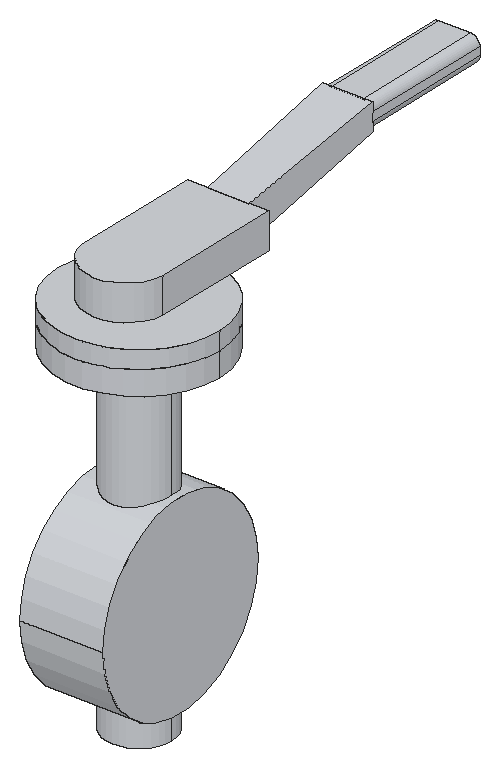
Revit family "HS497-68_disk-nerez_s pákou DN065-RFA_2019", category Pipe Accessories, Revit 2019
Family settings
  Round Connector Dimension = Use Diameter
  Part Type = Valve - Breaks Into
  Work Plane-Based = No
  Always vertical = Yes
  Cut with Voids When Loaded = No
  Shared = No
Parameters (values of type "HS 497-68_DN065_PN16_s pákou")
  magiProductId = "ebeb4b59db0641caaf6d6635ab37b9"
  magiProductFamilyId = "53cea81e6f374d17b8841d9c72ad77"
  magiPartTypeId = 305
  isMeasuringValve [instance] = no
  ang2D [instance] = 0.00°
  X11 = 61.456 mm
  X1 = 25.456 mm
  W2D = 1000 mm
  VersionID = "2.0/2017.9.26.1/ZETKAMA_497_001"
  Use Minimum Symbol Size [instance] = yes
  URL = "http://www.hydronic.cz"
  Type Comments = "mezipřírubová; nerezový disk; PN16; -10~+110°C (krátkodobě +120°C)"
  SW30 = no
  SW3 = no
  SW21 = no
  SW20 = yes
  SW2 = yes
  SW1 = no
  R = 32.5 mm
  QmdConnectorList = "301;D;302;D"
  Productdata [instance] = ""
  NC = 50 mm
  Manufacturer = "Hydronic Systems Prague s.r.o."
  MM20 = 25.456 mm
  MC Product Code = "121 065 (nerezový disk, s pákou; DN65; PN16, kvs167)"
  M41 = 66 mm
  M4 = 44 mm
  LHL = 220 mm
  LHH3 = 2.45 mm
  LHH1 = 46.55 mm
  LH1 = 73.333 mm
  L4R__ve = -L4R  # -12.8 mm
  L4R = 12.8 mm
  L42__ve = -L42  # -96 mm
  L42 = 96 mm
  L41__ve = -L41  # -19.2 mm
  L41 = 19.2 mm
  L2D_Min = 3048 mm
  L2D = 216 mm
  L2 = 23 mm
  L1 = 36.8 mm
  L = 46 mm
  H = 30 mm
  G22 = 11.25 mm
  G2 = 22.5 mm
  G1 = 90 mm
  G = 90 mm
  F = 11 mm
  E44 = 31.25 mm
  E42 = 62.5 mm
  E4 = 125 mm
  E23 = 4.9 mm
  E22 = 19.6 mm
  E21 = 9.8 mm
  Description = "Mezipřírubová uzavírací klapka s pákou; nerezový disk, DN65; PN16; kvs167"
  DR2 = 32.5 mm
  DR = 108 mm
  DD1 = 15.625 mm
  DD = 12.5 mm
  D = 65 mm
  CAT0 = yes
  B2__ve = -B2  # -36.5 mm
  B2 = 36.5 mm
  A2 = 13.5 mm
  A1 = 89 mm
Types (43, lengths in mm): name | magiProductId | X11 | X1 | Type Comments | SW30 | SW3 | SW20 | SW2 | SW1 | R | NC | Manufacturer | MM20 | MC Product Code | M41 | M4 | LHL | LHH3 | LHH1 | LH1 | L4R__ve | L4R | L42__ve | L42 | L41__ve | L41 | L2 | L1 | L | H | G | F | E44 | E42 | E4 | E23 | E22 | E21 | Description | DR2 | DR | DD1 | DD | D | B2__ve | B2 | A2 | A1
  HS 497-68_DN100_PN16_volné vřeteno | "65d1b245f4f142c78569c0602d5754" | 61.456 | 25.456 | "mezipřírubová; nerezový disk; PN16; -10~+110°C (krátkodobě +120°C)" | no | no | no | no | yes | 50 | 50 | "Hydronic Systems Prague s.r.o." | 25.456 | "124 100 (nerezový disk, s volným vřetenem; DN100; PN16, kvs512)" | 66 | 44 | 220 | 2.45 | 46.55 | 73.333 | -12.8 | 12.8 | -96 | 96 | -19.2 | 19.2 | 26 | 41.6 | 52 | 30 | 90 | 11 | 31.25 | 62.5 | 125 | 4.9 | 19.6 | 9.8 | "Mezipřírubová uzavírací klapka s volným vřetenem; nerezový disk, DN100; PN16; kvs512" | 50 | 147 | 15.625 | 12.5 | 100 | -56 | 56 | 16.5 | 98.5
  HS 497-68_DN100_PN16_převodové kolo | "11e91b807e674d428c8e796fcdcfe2" | 61.456 | 25.456 | "mezipřírubová; nerezový disk; PN16; -10~+110°C (krátkodobě +120°C)" | yes | yes | no | no | no | 50 | 50 | "Hydronic Systems Prague s.r.o." | 25.456 | "126 100 (nerezový disk, s převodovým kolem; DN100; PN16, kvs512)" | 65.25 | 43.5 | 220 | 2.45 | 46.55 | 73.333 | -12.8 | 12.8 | -96 | 96 | -19.2 | 19.2 | 26 | 41.6 | 52 | 30 | 90 | 11 | 31.25 | 62.5 | 125 | 4.9 | 19.6 | 9.8 | "Mezipřírubová uzavírací klapka s převodovým kolem; nerezový disk, DN100; PN16; kvs512" | 50 | 147 | 15.625 | 12.5 | 100 | -56 | 56 | 16.5 | 98.5
  HS 497-68_DN100_PN16_s pákou | "28172f0b3f4b47b28323ac71cf8749" | 61.456 | 25.456 | "mezipřírubová; nerezový disk; PN16; -10~+110°C (krátkodobě +120°C)" | no | no | yes | yes | no | 50 | 50 | "Hydronic Systems Prague s.r.o." | 25.456 | "121 100 (nerezový disk, s pákou; DN100; PN16, kvs512)" | 66 | 44 | 260 | 3 | 57 | 86.667 | -12.8 | 12.8 | -96 | 96 | -19.2 | 19.2 | 26 | 41.6 | 52 | 30 | 90 | 11 | 31.25 | 62.5 | 125 | 6 | 24 | 12 | "Mezipřírubová uzavírací klapka s pákou; nerezový disk, DN100; PN16; kvs512" | 50 | 147 | 15.625 | 12.5 | 100 | -56 | 56 | 16.5 | 98.5
  HS 497-68_DN125_PN16_volné vřeteno | "0d813d910fc14f628bb3c2efbd185c" | 61.456 | 25.456 | "mezipřírubová; nerezový disk; PN16; -10~+110°C (krátkodobě +120°C)" | no | no | no | no | yes | 62.5 | 50 | "Hydronic Systems Prague s.r.o." | 25.456 | "124 125 (nerezový disk, s volným vřetenem; DN125; PN16, kvs872)" | 66 | 44 | 220 | 2.45 | 46.55 | 73.333 | -12.8 | 12.8 | -96 | 96 | -19.2 | 19.2 | 28 | 44.8 | 56 | 33 | 90 | 14 | 31.25 | 62.5 | 125 | 4.9 | 19.6 | 9.8 | "Mezipřírubová uzavírací klapka s volným vřetenem; nerezový disk, DN125; PN16; kvs872" | 62.5 | 180 | 15.625 | 12.5 | 125 | -64 | 64 | 18 | 99.5
  HS 497-68_DN125_PN16_převodové kolo | "c56b7c13f372467684996fb1e0e229" | 61.456 | 25.456 | "mezipřírubová; nerezový disk; PN16; -10~+110°C (krátkodobě +120°C)" | yes | yes | no | no | no | 62.5 | 50 | "Hydronic Systems Prague s.r.o." | 25.456 | "126125 (nerezový disk, s převodovým kolem; DN125; PN16, kvs872)" | 65.25 | 43.5 | 220 | 2.45 | 46.55 | 73.333 | -13.5 | 13.5 | -101.25 | 101.25 | -20.25 | 20.25 | 28 | 44.8 | 56 | 33 | 90 | 14 | 40 | 80 | 160 | 4.9 | 19.6 | 9.8 | "Mezipřírubová uzavírací klapka s převodovým kolem; nerezový disk, DN125; PN16; kvs872" | 62.5 | 180 | 20 | 16 | 125 | -64 | 64 | 18 | 99.5
  HS 497-68_DN125_PN16_s pákou | "105993c79a91492399feef7931321a" | 61.456 | 25.456 | "mezipřírubová; nerezový disk; PN16; -10~+110°C (krátkodobě +120°C)" | no | no | yes | yes | no | 62.5 | 50 | "Hydronic Systems Prague s.r.o." | 25.456 | "121 125 (nerezový disk, s pákou; DN125; PN16, kvs872)" | 66 | 44 | 315 | 3.75 | 71.25 | 105 | -12.8 | 12.8 | -96 | 96 | -19.2 | 19.2 | 28 | 44.8 | 56 | 33 | 90 | 14 | 31.25 | 62.5 | 125 | 7.5 | 30 | 15 | "Mezipřírubová uzavírací klapka s pákou; nerezový disk, DN125; PN16; kvs872" | 62.5 | 180 | 15.625 | 12.5 | 125 | -64 | 64 | 18 | 99.5
  HS 497-68_DN150_PN16_volné vřeteno | "50c80cb8ab434f55ab7796e5ac1331" | 61.456 | 25.456 | "mezipřírubová; nerezový disk; PN16; -10~+110°C (krátkodobě +120°C)" | no | no | no | no | yes | 75 | 50 | "Hydronic Systems Prague s.r.o." | 25.456 | "124 150 (nerezový disk, s volným vřetenem; DN150; PN16, kvs1347)" | 66 | 44 | 220 | 2.45 | 46.55 | 73.333 | -12.8 | 12.8 | -96 | 96 | -19.2 | 19.2 | 28 | 44.8 | 56 | 33 | 90 | 14 | 31.25 | 62.5 | 125 | 4.9 | 19.6 | 9.8 | "Mezipřírubová uzavírací klapka s volným vřetenem; nerezový disk, DN150; PN16; kvs1347" | 75 | 206 | 15.625 | 12.5 | 150 | -58 | 58 | 19.3 | 98.7
  HS 497-68_DN150_PN16_převodové kolo | "d94a1a0cf83b476eb10011b327f709" | 61.456 | 25.456 | "mezipřírubová; nerezový disk; PN16; -10~+110°C (krátkodobě +120°C)" | yes | yes | no | no | no | 75 | 50 | "Hydronic Systems Prague s.r.o." | 25.456 | "126 150 (nerezový disk, s převodovým kolem; DN150; PN16, kvs1347)" | 65.25 | 43.5 | 220 | 2.45 | 46.55 | 73.333 | -13.5 | 13.5 | -101.25 | 101.25 | -20.25 | 20.25 | 28 | 44.8 | 56 | 33 | 90 | 14 | 40 | 80 | 160 | 4.9 | 19.6 | 9.8 | "Mezipřírubová uzavírací klapka s převodovým kolem; nerezový disk, DN150; PN16; kvs1347" | 75 | 206 | 20 | 16 | 150 | -58 | 58 | 19.3 | 98.7
  HS 497-68_DN150_PN16_s pákou | "4d2835523fe84828bc50ff0a5a0dfb" | 61.456 | 25.456 | "mezipřírubová; nerezový disk; PN16; -10~+110°C (krátkodobě +120°C)" | no | no | yes | yes | no | 75 | 50 | "Hydronic Systems Prague s.r.o." | 25.456 | "121 150 (nerezový disk, s pákou; DN150; PN16, kvs1347)" | 66 | 44 | 315 | 3.75 | 71.25 | 105 | -12.8 | 12.8 | -96 | 96 | -19.2 | 19.2 | 28 | 44.8 | 56 | 33 | 90 | 14 | 31.25 | 62.5 | 125 | 7.5 | 30 | 15 | "Mezipřírubová uzavírací klapka s pákou; nerezový disk, DN150; PN16; kvs1347" | 75 | 206 | 15.625 | 12.5 | 150 | -58 | 58 | 19.3 | 98.7
  HS 497-68_DN200_PN16_volné vřeteno | "5b29029eaeba47139ee1055a4b9201" | 61.456 | 25.456 | "mezipřírubová; nerezový disk; PN16; -10~+110°C (krátkodobě +120°C)" | no | no | no | no | yes | 100 | 50 | "Hydronic Systems Prague s.r.o." | 25.456 | "124 200 (nerezový disk, s volným vřetenem; DN200; PN16, kvs2675)" | 66 | 44 | 220 | 2.45 | 46.55 | 73.333 | -12.8 | 12.8 | -96 | 96 | -19.2 | 19.2 | 30 | 48 | 60 | 33 | 90 | 17 | 31.25 | 62.5 | 125 | 4.9 | 19.6 | 9.8 | "Mezipřírubová uzavírací klapka s volným vřetenem; nerezový disk, DN200; PN16; kvs2675" | 100 | 257 | 15.625 | 12.5 | 200 | -70 | 70 | 22.5 | 102.5
  HS 497-68_DN200_PN16_převodové kolo | "b2793cc1fcc44cf2a35062cd67c04f" | 61.456 | 25.456 | "mezipřírubová; nerezový disk; PN16; -10~+110°C (krátkodobě +120°C)" | yes | yes | no | no | no | 100 | 57 | "Hydronic Systems Prague s.r.o." | 25.456 | "126 200 (nerezový disk, s převodovým kolem; DN200; PN16, kvs2675)" | 78.75 | 52.5 | 220 | 2.45 | 46.55 | 73.333 | -15.2 | 15.2 | -114 | 114 | -22.8 | 22.8 | 30 | 48 | 60 | 33 | 90 | 17 | 50 | 100 | 200 | 4.9 | 19.6 | 9.8 | "Mezipřírubová uzavírací klapka s převodovým kolem; nerezový disk, DN200; PN16; kvs2675" | 100 | 257 | 25 | 20 | 200 | -70 | 70 | 22.5 | 102.5
  HS 497-68_DN200_PN16_s pákou | "f88d96c7af224537a51e72d7d8fffe" | 61.456 | 25.456 | "mezipřírubová; nerezový disk; PN16; -10~+110°C (krátkodobě +120°C)" | no | no | yes | yes | no | 100 | 50 | "Hydronic Systems Prague s.r.o." | 25.456 | "121 200 (nerezový disk, s pákou; DN200; PN16, kvs2675)" | 66 | 44 | 315 | 3.75 | 71.25 | 105 | -12.8 | 12.8 | -96 | 96 | -19.2 | 19.2 | 30 | 48 | 60 | 33 | 90 | 17 | 31.25 | 62.5 | 125 | 7.5 | 30 | 15 | "Mezipřírubová uzavírací klapka s pákou; nerezový disk, DN200; PN16; kvs2675" | 100 | 257 | 15.625 | 12.5 | 200 | -70 | 70 | 22.5 | 102.5
  HS 497-68_DN250_PN16_volné vřeteno | "b662e8305ca2402b9c510e66e6aa55" | 88.77 | 36.77 | "mezipřírubová; nerezový disk; PN16; -10~+110°C (krátkodobě +120°C)" | no | no | no | no | yes | 125 | 50 | "Hydronic Systems Prague s.r.o." | 36.77 | "124 250 (nerezový disk, s volným vřetenem; DN250; PN16, kvs4555)" | 66 | 44 | 220 | 2.45 | 46.55 | 73.333 | -12.8 | 12.8 | -96 | 96 | -19.2 | 19.2 | 34 | 54.4 | 68 | 23 | 130 | 22 | 31.25 | 62.5 | 125 | 4.9 | 19.6 | 9.8 | "Mezipřírubová uzavírací klapka s volným vřetenem; nerezový disk, DN250; PN16; kvs4555" | 125 | 324 | 15.625 | 12.5 | 250 | -85 | 85 | 28.25 | 129.25
  HS 497-68_DN250_PN16_převodové kolo | "5ee9016806664ddfaa2632711f295c" | 88.77 | 36.77 | "mezipřírubová; nerezový disk; PN16; -10~+110°C (krátkodobě +120°C)" | yes | yes | no | no | no | 125 | 70 | "Hydronic Systems Prague s.r.o." | 36.77 | "126 250 (nerezový disk, s převodovým kolem; DN250; PN16, kvs4555)" | 91.5 | 61 | 220 | 2.45 | 46.55 | 73.333 | -22.2 | 22.2 | -166.5 | 166.5 | -33.3 | 33.3 | 34 | 54.4 | 68 | 23 | 130 | 22 | 62.5 | 125 | 250 | 4.9 | 19.6 | 9.8 | "Mezipřírubová uzavírací klapka s převodovým kolem; nerezový disk, DN250; PN16; kvs4555" | 125 | 324 | 31.25 | 25 | 250 | -85 | 85 | 28.25 | 129.25
  HS 497-68_DN300_PN16_volné vřeteno | "e1886f51ff004380a649519258edf2" | 88.77 | 36.77 | "mezipřírubová; nerezový disk; PN16; -10~+110°C (krátkodobě +120°C)" | no | no | no | no | yes | 150 | 50 | "Hydronic Systems Prague s.r.o." | 36.77 | "124 300 (nerezový disk, s volným vřetenem; DN300; PN16, kvs7037)" | 66 | 44 | 220 | 2.45 | 46.55 | 73.333 | -12.8 | 12.8 | -96 | 96 | -19.2 | 19.2 | 39 | 62.4 | 78 | 23 | 130 | 22 | 31.25 | 62.5 | 125 | 4.9 | 19.6 | 9.8 | "Mezipřírubová uzavírací klapka s volným vřetenem; nerezový disk, DN300; PN16; kvs7037" | 150 | 376 | 15.625 | 12.5 | 300 | -90 | 90 | 30.8 | 127.2
  HS 497-68_DN300_PN16_převodové kolo | "6860f094f77d42088fbebc3c97f755" | 88.77 | 36.77 | "mezipřírubová; nerezový disk; PN16; -10~+110°C (krátkodobě +120°C)" | yes | yes | no | no | no | 150 | 70 | "Hydronic Systems Prague s.r.o." | 36.77 | "126 300 (nerezový disk, s převodovým kolem; DN300; PN16, kvs7037)" | 91.5 | 61 | 220 | 2.45 | 46.55 | 73.333 | -22.2 | 22.2 | -166.5 | 166.5 | -33.3 | 33.3 | 39 | 62.4 | 78 | 23 | 130 | 22 | 62.5 | 125 | 250 | 4.9 | 19.6 | 9.8 | "Mezipřírubová uzavírací klapka s převodovým kolem; nerezový disk, DN300; PN16; kvs7037" | 150 | 376 | 31.25 | 25 | 300 | -90 | 90 | 30.8 | 127.2
  HS 497-68_DN032_PN16_volné vřeteno | "8c5f65de52aa4067a77564107e31b2" | 61.456 | 25.456 | "mezipřírubová; nerezový disk; PN16; -10~+110°C (krátkodobě +120°C)" | no | no | no | no | yes | 16 | 50 | "Hydronic Systems Prague s.r.o." | 25.456 | "124 032 (nerezový disk, s volným vřetenem; DN32; PN16, kvs78)" | 66 | 44 | 220 | 2.45 | 46.55 | 73.333 | -12.8 | 12.8 | -96 | 96 | -19.2 | 19.2 | 16.5 | 26.4 | 33 | 30 | 90 | 11 | 31.25 | 62.5 | 125 | 4.9 | 19.6 | 9.8 | "Mezipřírubová uzavírací klapka s volným vřetenem; nerezový disk, DN32; PN16; kvs78" | 16 | 68 | 15.625 | 12.5 | 32 | -44.2 | 44.2 | 10.25 | 76.25
  HS 497-68_DN032_PN16_převodové kolo | "60aaeffa8b3a4e809ef000e4660060" | 61.456 | 25.456 | "mezipřírubová; nerezový disk; PN16; -10~+110°C (krátkodobě +120°C)" | yes | yes | no | no | no | 16 | 50 | "Hydronic Systems Prague s.r.o." | 25.456 | "126 032 (nerezový disk, s převodovým kolem; DN32; PN16, kvs78)" | 65.25 | 43.5 | 220 | 2.45 | 46.55 | 73.333 | -12.8 | 12.8 | -96 | 96 | -19.2 | 19.2 | 16.5 | 26.4 | 33 | 30 | 90 | 11 | 31.25 | 62.5 | 125 | 4.9 | 19.6 | 9.8 | "Mezipřírubová uzavírací klapka s převodovým kolem; nerezový disk, DN32; PN16; kvs78" | 16 | 68 | 15.625 | 12.5 | 32 | -44.2 | 44.2 | 10.25 | 76.25
  HS 497-68_DN032_PN16_s pákou | "9ad8088d610749a1b871aa2aad8007" | 61.456 | 25.456 | "mezipřírubová; nerezový disk; PN16; -10~+110°C (krátkodobě +120°C)" | no | no | yes | yes | no | 16 | 50 | "Hydronic Systems Prague s.r.o." | 25.456 | "121 032 (nerezový disk, s pákou; DN32; PN16, kvs78)" | 66 | 44 | 220 | 2.45 | 46.55 | 73.333 | -12.8 | 12.8 | -96 | 96 | -19.2 | 19.2 | 16.5 | 26.4 | 33 | 30 | 90 | 11 | 31.25 | 62.5 | 125 | 4.9 | 19.6 | 9.8 | "Mezipřírubová uzavírací klapka s pákou; nerezový disk, DN32; PN16; kvs78" | 16 | 68 | 15.625 | 12.5 | 32 | -44.2 | 44.2 | 10.25 | 76.25
  HS 497-68_DN350_PN10_volné vřeteno | "72a1e05f22944421b7e9596a877137" | 109.255 | 45.255 | "mezipřírubová; nerezový disk; PN10; -10~+110°C (krátkodobě +120°C)" | no | no | no | no | yes | 175 | 50 | "Hydronic Systems Prague s.r.o." | 45.255 | "124 350 (nerezový disk, s volným vřetenem; DN350; PN10, kvs10165)" | 66 | 44 | 220 | 2.45 | 46.55 | 73.333 | -12.8 | 12.8 | -96 | 96 | -19.2 | 19.2 | 39 | 62.4 | 78 | 31 | 160 | 22 | 31.25 | 62.5 | 125 | 4.9 | 19.6 | 9.8 | "Mezipřírubová uzavírací klapka s volným vřetenem; nerezový disk, DN350; PN10; kvs10165" | 175 | 430 | 15.625 | 12.5 | 350 | -88 | 88 | 33.85 | 129.65
  HS 497-68_DN350_PN10_převodové kolo | "a5a01426cb28494ba3afca92f1dace" | 109.255 | 45.255 | "mezipřírubová; nerezový disk; PN10; -10~+110°C (krátkodobě +120°C)" | yes | yes | no | no | no | 175 | 70 | "Hydronic Systems Prague s.r.o." | 45.255 | "126 350 (nerezový disk, s převodovým kolem; DN350; PN10, kvs10165)" | 91.5 | 61 | 220 | 2.45 | 46.55 | 73.333 | -22.2 | 22.2 | -166.5 | 166.5 | -33.3 | 33.3 | 39 | 62.4 | 78 | 31 | 160 | 22 | 62.5 | 125 | 250 | 4.9 | 19.6 | 9.8 | "Mezipřírubová uzavírací klapka s převodovým kolem; nerezový disk, DN350; PN10; kvs10165" | 175 | 430 | 31.25 | 25 | 350 | -88 | 88 | 33.85 | 129.65
  HS 497-68_DN400_PN10_volné vřeteno | "c70ebeb927c04ab99b176e257ad0a7" | 109.255 | 45.255 | "mezipřírubová; nerezový disk; PN10; -10~+110°C (krátkodobě +120°C)" | no | no | no | no | yes | 200 | 50 | "Hydronic Systems Prague s.r.o." | 45.255 | "124 400 (nerezový disk, s volným vřetenem; DN400; PN10, kvs13799)" | 66 | 44 | 220 | 2.45 | 46.55 | 73.333 | -12.8 | 12.8 | -96 | 96 | -19.2 | 19.2 | 51 | 81.6 | 102 | 31 | 160 | 27 | 31.25 | 62.5 | 125 | 4.9 | 19.6 | 9.8 | "Mezipřírubová uzavírací klapka s volným vřetenem; nerezový disk, DN400; PN10; kvs13799" | 200 | 485 | 15.625 | 12.5 | 400 | -108 | 108 | 38 | 142
  HS 497-68_DN400_PN10_převodové kolo | "cc64a4384dcb41b780d81810f4f293" | 109.255 | 45.255 | "mezipřírubová; nerezový disk; PN10; -10~+110°C (krátkodobě +120°C)" | yes | yes | no | no | no | 200 | 72.5 | "Hydronic Systems Prague s.r.o." | 45.255 | "126 400 (nerezový disk, s převodovým kolem; DN400; PN10, kvs13799)" | 103.5 | 69 | 220 | 2.45 | 46.55 | 73.333 | -27.8 | 27.8 | -208.5 | 208.5 | -41.7 | 41.7 | 51 | 81.6 | 102 | 31 | 160 | 27 | 75 | 150 | 300 | 4.9 | 19.6 | 9.8 | "Mezipřírubová uzavírací klapka s převodovým kolem; nerezový disk, DN400; PN10; kvs13799" | 200 | 485 | 37.5 | 30 | 400 | -108 | 108 | 38 | 142
  HS 497-68_DN040_PN16_volné vřeteno | "35f92312390745e88df5b5c325d9ee" | 61.456 | 25.456 | "mezipřírubová; nerezový disk; PN16; -10~+110°C (krátkodobě +120°C)" | no | no | no | no | yes | 20 | 50 | "Hydronic Systems Prague s.r.o." | 25.456 | "124 040 (nerezový disk, s volným vřetenem; DN40; PN16, kvs78)" | 66 | 44 | 220 | 2.45 | 46.55 | 73.333 | -12.8 | 12.8 | -96 | 96 | -19.2 | 19.2 | 16.5 | 26.4 | 33 | 30 | 90 | 11 | 31.25 | 62.5 | 125 | 4.9 | 19.6 | 9.8 | "Mezipřírubová uzavírací klapka s volným vřetenem; nerezový disk, DN40; PN16; kvs78" | 20 | 76 | 15.625 | 12.5 | 40 | -36 | 36 | 11 | 79
  HS 497-68_DN040_PN16_převodové kolo | "d88e968eae3445bc9b7b4e6ff35127" | 61.456 | 25.456 | "mezipřírubová; nerezový disk; PN16; -10~+110°C (krátkodobě +120°C)" | yes | yes | no | no | no | 20 | 50 | "Hydronic Systems Prague s.r.o." | 25.456 | "126 040 (nerezový disk, s převodovým kolem; DN40; PN16, kvs78)" | 65.25 | 43.5 | 220 | 2.45 | 46.55 | 73.333 | -12.8 | 12.8 | -96 | 96 | -19.2 | 19.2 | 16.5 | 26.4 | 33 | 30 | 90 | 11 | 31.25 | 62.5 | 125 | 4.9 | 19.6 | 9.8 | "Mezipřírubová uzavírací klapka s převodovým kolem; nerezový disk, DN40; PN16; kvs78" | 20 | 76 | 15.625 | 12.5 | 40 | -36 | 36 | 11 | 79
  HS 497-68_DN040_PN16_s pákou | "c1b522ca65b4407a98818f232eaacb" | 61.456 | 25.456 | "mezipřírubová; nerezový disk; PN16; -10~+110°C (krátkodobě +120°C)" | no | no | yes | yes | no | 20 | 50 | "Hydronic Systems Prague s.r.o." | 25.456 | "121 040 (nerezový disk, s pákou; DN40; PN16, kvs78)" | 66 | 44 | 220 | 2.45 | 46.55 | 73.333 | -12.8 | 12.8 | -96 | 96 | -19.2 | 19.2 | 16.5 | 26.4 | 33 | 30 | 90 | 11 | 31.25 | 62.5 | 125 | 4.9 | 19.6 | 9.8 | "Mezipřírubová uzavírací klapka s pákou; nerezový disk, DN40; PN16; kvs78" | 20 | 76 | 15.625 | 12.5 | 40 | -36 | 36 | 11 | 79
  HS 497-68_DN450_PN10_volné vřeteno | "a8358bc282f14872b3194e530e590a" | 129.74 | 53.74 | "mezipřírubová; nerezový disk; PN10; -10~+110°C (krátkodobě +120°C)" | no | no | no | no | yes | 225 | 50 | "Hydronic Systems Prague s.r.o." | 53.74 | "124 450 (nerezový disk, s volným vřetenem; DN450; PN10, kvs18514)" | 66 | 44 | 220 | 2.45 | 46.55 | 73.333 | -12.8 | 12.8 | -96 | 96 | -19.2 | 19.2 | 57 | 91.2 | 114 | 38 | 190 | 36 | 31.25 | 62.5 | 125 | 4.9 | 19.6 | 9.8 | "Mezipřírubová uzavírací klapka s volným vřetenem; nerezový, DN450; PN10; kvs18514" | 225 | 536 | 15.625 | 12.5 | 450 | -115 | 115 | 38.05 | 117.45
  HS 497-68_DN450_PN10_převodové kolo | "cdf2d80f54a9414f9cbe50647c0ebd" | 129.74 | 53.74 | "mezipřírubová; nerezový disk; PN10; -10~+110°C (krátkodobě +120°C)" | yes | yes | no | no | no | 225 | 91.5 | "Zetkama" | 53.74 | "126 450 (nerezový disk, s převodovým kolem; DN450; PN10, kvs18514)" | 144.75 | 96.5 | 220 | 2.45 | 46.55 | 73.333 | -32.1 | 32.1 | -240.75 | 240.75 | -48.15 | 48.15 | 57 | 91.2 | 114 | 38 | 190 | 36 | 100 | 200 | 400 | 4.9 | 19.6 | 9.8 | "Mezipřírubová uzavírací klapka s převodovým kolem; nerezový disk, DN450; PN10; kvs18514" | 225 | 536 | 50 | 40 | 450 | -115 | 115 | 38.05 | 117.45
  HS 497-68_DN500_PN10_volné vřeteno | "8c396e27bb2743f98f3c762b6517cd" | 143.397 | 59.397 | "mezipřírubová; nerezový disk; PN10; -10~+110°C (krátkodobě +120°C)" | no | no | no | no | yes | 250 | 50 | "Hydronic Systems Prague s.r.o." | 59.397 | "124 500 (nerezový disk, s volným vřetenem; DN500; PN10, kvs23805)" | 66 | 44 | 220 | 2.45 | 46.55 | 73.333 | -12.8 | 12.8 | -96 | 96 | -19.2 | 19.2 | 63.5 | 101.6 | 127 | 38 | 210 | 36 | 31.25 | 62.5 | 125 | 4.9 | 19.6 | 9.8 | "Mezipřírubová uzavírací klapka s volným vřetenem; nerezový disk, DN500; PN10; kvs23805" | 250 | 593 | 15.625 | 12.5 | 500 | -130 | 130 | 43.25 | 139.25
  HS 497-68_DN500_PN10_převodové kolo | "7647804f32e94cef828a7034a91a46" | 143.397 | 59.397 | "mezipřírubová; nerezový disk; PN10; -10~+110°C (krátkodobě +120°C)" | yes | yes | no | no | no | 250 | 91.5 | "Zetkama" | 59.397 | "126 500 (nerezový disk, s převodovým kolem; DN500; PN10, kvs23805)" | 144.75 | 96.5 | 220 | 2.45 | 46.55 | 73.333 | -32.1 | 32.1 | -240.75 | 240.75 | -48.15 | 48.15 | 63.5 | 101.6 | 127 | 38 | 210 | 36 | 100 | 200 | 400 | 4.9 | 19.6 | 9.8 | "Mezipřírubová uzavírací klapka s převodovým kolem; nerezový disk, DN500; PN10; kvs23805" | 250 | 593 | 50 | 40 | 500 | -130 | 130 | 43.25 | 139.25
  HS 497-68_DN050_volné vřeteno | "d71f296ecd6d4adf8f6e5d9853b4e0" | 61.456 | 25.456 | "mezipřírubová; nerezový disk; PN16; -10~+110°C (krátkodobě +120°C)" | no | no | no | no | yes | 25 | 50 | "Hydronic Systems Prague s.r.o." | 25.456 | "124 050 (nerezový disk, s volným vřetenem; DN50; PN16, kvs98)" | 66 | 44 | 220 | 2.45 | 46.55 | 73.333 | -12.8 | 12.8 | -96 | 96 | -19.2 | 19.2 | 21.5 | 34.4 | 43 | 30 | 90 | 11 | 31.25 | 62.5 | 125 | 4.9 | 19.6 | 9.8 | "Mezipřírubová uzavírací klapka s volným vřetenem; nerezový disk, DN50; PN16; kvs98" | 25 | 100 | 15.625 | 12.5 | 50 | -36.5 | 36.5 | 12 | 83
  HS 497-68_DN050_PN16_převodové kolo | "2fb080deeaed49c58418b94c1da5a4" | 61.456 | 25.456 | "mezipřírubová; nerezový disk; PN16; -10~+110°C (krátkodobě +120°C)" | yes | yes | no | no | no | 25 | 50 | "Hydronic Systems Prague s.r.o." | 25.456 | "126 050 (nerezový disk, s převodovým kolem; DN50; PN16, kvs98)" | 65.25 | 43.5 | 220 | 2.45 | 46.55 | 73.333 | -12.8 | 12.8 | -96 | 96 | -19.2 | 19.2 | 21.5 | 34.4 | 43 | 30 | 90 | 11 | 31.25 | 62.5 | 125 | 4.9 | 19.6 | 9.8 | "Mezipřírubová uzavírací klapka s převodovým kolem; nerezový disk, DN50; PN16; kvs98" | 25 | 100 | 15.625 | 12.5 | 50 | -36.5 | 36.5 | 12 | 83
  HS 497-68_DN050_PN16_s pákou | "dabc632061f94877a994b9b4e68112" | 61.456 | 25.456 | "mezipřírubová; nerezový disk; PN16; -10~+110°C (krátkodobě +120°C)" | no | no | yes | yes | no | 25 | 50 | "Hydronic Systems Prague s.r.o." | 25.456 | "121 050 (nerezový disk, s pákou; DN50; PN16, kvs98)" | 66 | 44 | 220 | 2.45 | 46.55 | 73.333 | -12.8 | 12.8 | -96 | 96 | -19.2 | 19.2 | 21.5 | 34.4 | 43 | 30 | 90 | 11 | 31.25 | 62.5 | 125 | 4.9 | 19.6 | 9.8 | "Mezipřírubová uzavírací klapka s pákou; nerezový disk, DN50; PN16; kvs98" | 25 | 100 | 15.625 | 12.5 | 50 | -36.5 | 36.5 | 12 | 83
  HS 497-68_DN600_PN10_volné vřeteno | "99d5892c14664fce81a7c5903f7711" | 143.397 | 59.397 | "mezipřírubová; nerezový disk; PN10; -10~+110°C (krátkodobě +120°C)" | no | no | no | no | yes | 300 | 50 | "Hydronic Systems Prague s.r.o." | 59.397 | "124 600 (nerezový disk, s volným vřetenem; DN600; PN10, kvs36778)" | 66 | 44 | 220 | 2.45 | 46.55 | 73.333 | -12.8 | 12.8 | -96 | 96 | -19.2 | 19.2 | 77 | 123.2 | 154 | 80 | 210 | 60 | 31.25 | 62.5 | 125 | 4.9 | 19.6 | 9.8 | "Mezipřírubová uzavírací klapka s volným vřetenem; nerezový disk, DN600; PN10; kvs36788" | 300 | 690 | 15.625 | 12.5 | 600 | -140 | 140 | 49.4 | 144.6
  HS 497-68_DN600_PN10_převodové kolo | "b1e26faab48a4c499f6bb11e7e3002" | 143.397 | 59.397 | "mezipřírubová; lnerezový disk; PN10; -10~+110°C (krátkodobě +120°C)" | yes | yes | no | no | no | 300 | 140 | "Hydronic Systems Prague s.r.o." | 59.397 | "126 600 (nerezový disk, s převodovým kolem; DN600; PN10, kvs36778)" | 206.25 | 137.5 | 220 | 2.45 | 46.55 | 73.333 | -40.8 | 40.8 | -306 | 306 | -61.2 | 61.2 | 77 | 123.2 | 154 | 80 | 210 | 60 | 125 | 250 | 500 | 4.9 | 19.6 | 9.8 | "Mezipřírubová uzavírací klapka s převodovým kolem; nerezový disk, DN600; PN10; kvs36788" | 300 | 690 | 62.5 | 50 | 600 | -140 | 140 | 49.4 | 144.6
  HS 497-68_DN065_PN16_volné vřeteno | "5e5e208646e34ec29f889baab5d08e" | 61.456 | 25.456 | "mezipřírubová; lnerezový disk; PN16; -10~+110°C (krátkodobě +120°C)" | no | no | no | no | yes | 32.5 | 50 | "Hydronic Systems Prague s.r.o." | 25.456 | "124 065 (nerezový disk, s volným vřetenem; DN65; PN16, kvs167)" | 66 | 44 | 220 | 2.45 | 46.55 | 73.333 | -12.8 | 12.8 | -96 | 96 | -19.2 | 19.2 | 23 | 36.8 | 46 | 30 | 90 | 11 | 31.25 | 62.5 | 125 | 4.9 | 19.6 | 9.8 | "Mezipřírubová uzavírací klapka s volným vřetenem; nerezový disk, DN65; PN16; kv167" | 32.5 | 108 | 15.625 | 12.5 | 65 | -36.5 | 36.5 | 13.5 | 89
  HS 497-68_DN065_PN16_převodové kolo | "654d74c8d15540b0bfe523d988ccb3" | 61.456 | 25.456 | "mezipřírubová; nerezový disk; PN16; -10~+110°C (krátkodobě +120°C)" | yes | yes | no | no | no | 32.5 | 50 | "Hydronic Systems Prague s.r.o." | 25.456 | "126 065 (nerezový disk, s převodovým kolem; DN65; PN16, kvs167)" | 65.25 | 43.5 | 220 | 2.45 | 46.55 | 73.333 | -12.8 | 12.8 | -96 | 96 | -19.2 | 19.2 | 23 | 36.8 | 46 | 30 | 90 | 11 | 31.25 | 62.5 | 125 | 4.9 | 19.6 | 9.8 | "Mezipřírubová uzavírací klapka s převodovým kolem; nerezový disk, DN65; PN16; kvs167" | 32.5 | 108 | 15.625 | 12.5 | 65 | -36.5 | 36.5 | 13.5 | 89
  HS 497-68_DN065_PN16_s pákou | "ebeb4b59db0641caaf6d6635ab37b9" | 61.456 | 25.456 | "mezipřírubová; nerezový disk; PN16; -10~+110°C (krátkodobě +120°C)" | no | no | yes | yes | no | 32.5 | 50 | "Hydronic Systems Prague s.r.o." | 25.456 | "121 065 (nerezový disk, s pákou; DN65; PN16, kvs167)" | 66 | 44 | 220 | 2.45 | 46.55 | 73.333 | -12.8 | 12.8 | -96 | 96 | -19.2 | 19.2 | 23 | 36.8 | 46 | 30 | 90 | 11 | 31.25 | 62.5 | 125 | 4.9 | 19.6 | 9.8 | "Mezipřírubová uzavírací klapka s pákou; nerezový disk, DN65; PN16; kvs167" | 32.5 | 108 | 15.625 | 12.5 | 65 | -36.5 | 36.5 | 13.5 | 89
  HS 497-68_DN080_PN16_volné vřeteno | "9e85c75c18654e1185a9c48ed6b00e" | 61.456 | 25.456 | "mezipřírubová; nerezový disk; PN16; -10~+110°C (krátkodobě +120°C)" | no | no | no | no | yes | 40 | 50 | "Hydronic Systems Prague s.r.o." | 25.456 | "124 080 (nerezový disk, s volným vřetenem; DN80; PN16, kvs258)" | 66 | 44 | 220 | 2.45 | 46.55 | 73.333 | -12.8 | 12.8 | -96 | 96 | -19.2 | 19.2 | 23 | 36.8 | 46 | 30 | 90 | 11 | 31.25 | 62.5 | 125 | 4.9 | 19.6 | 9.8 | "Mezipřírubová uzavírací klapka s volným vřetenem; nerezový disk, DN80; PN16; kvs258" | 40 | 124 | 15.625 | 12.5 | 80 | -54 | 54 | 14.1 | 86.9
  HS 497-68_DN080_PN16_převodové kolo | "5b3c8238c3d041e68c75b199e7ea46" | 61.456 | 25.456 | "mezipřírubová; nerezový disk; PN16; -10~+110°C (krátkodobě +120°C)" | yes | yes | no | no | no | 40 | 50 | "Hydronic Systems Prague s.r.o." | 25.456 | "126 080 (nerezový disk, s převodovým kolem; DN80; PN16, kvs258)" | 65.25 | 43.5 | 220 | 2.45 | 46.55 | 73.333 | -12.8 | 12.8 | -96 | 96 | -19.2 | 19.2 | 23 | 36.8 | 46 | 30 | 90 | 11 | 31.25 | 62.5 | 125 | 4.9 | 19.6 | 9.8 | "Mezipřírubová uzavírací klapka s převodovým kolem; nerezový disk, DN80; PN16; kvs258" | 40 | 124 | 15.625 | 12.5 | 80 | -54 | 54 | 14.1 | 86.9
  HS 497-68_DN080_PN16_s pákou | "e414795fab0f4eccb99bc3572c5477" | 61.456 | 25.456 | "mezipřírubová; nerezový disk; PN16; -10~+110°C (krátkodobě +120°C)" | no | no | yes | yes | no | 40 | 50 | "Hydronic Systems Prague s.r.o." | 25.456 | "121 080 (nerezový disk, s pákou; DN80; PN16, kvs258)" | 66 | 44 | 260 | 3 | 57 | 86.667 | -12.8 | 12.8 | -96 | 96 | -19.2 | 19.2 | 23 | 36.8 | 46 | 30 | 90 | 11 | 31.25 | 62.5 | 125 | 6 | 24 | 12 | "Mezipřírubová uzavírací klapka s pákou; nerezový disk, DN80; PN16; kvs258" | 40 | 124 | 15.625 | 12.5 | 80 | -54 | 54 | 14.1 | 86.9
  HS 497-68_DN250_PN16_s pákou | "" | 88.77 | 36.77 | "mezipřírubová; nerezový disk; PN16; -10~+110°C (krátkodobě +120°C)" | no | no | yes | yes | no | 125 | 70 | "Hydronic Systems Prague s.r.o." | 36.77 | "121 250 (nerezový disk, s ákou; DN250; PN16, kvs4555)" | 91.5 | 61 | 220 | 2.45 | 46.55 | 73.333 | -22.2 | 22.2 | -166.5 | 166.5 | -33.3 | 33.3 | 34 | 54.4 | 68 | 23 | 130 | 22 | 62.5 | 125 | 250 | 4.9 | 19.6 | 9.8 | "Mezipřírubová uzavírací klapka s pákou; nerezový disk, DN250; PN16; kvs4555" | 125 | 324 | 31.25 | 25 | 250 | -85 | 85 | 28.25 | 129.25
  HS 497-68_DN300_PN16_s pákou | "" | 88.77 | 36.77 | "mezipřírubová; nerezový disk; PN16; -10~+110°C (krátkodobě +120°C)" | no | no | yes | yes | no | 150 | 70 | "Hydronic Systems Prague s.r.o." | 36.77 | "121 300 (nerezový disk, s pákou; DN300; PN16, kvs7037)" | 91.5 | 61 | 220 | 2.45 | 46.55 | 73.333 | -22.2 | 22.2 | -166.5 | 166.5 | -33.3 | 33.3 | 39 | 62.4 | 78 | 23 | 130 | 22 | 62.5 | 125 | 250 | 4.9 | 19.6 | 9.8 | "Mezipřírubová uzavírací klapka s pákou; nerezový disk, DN300; PN16; kvs7037" | 150 | 376 | 31.25 | 25 | 300 | -90 | 90 | 30.8 | 127.2
Reference planes
  plane 1 "Center (Front/Back)": y = 0
  plane 2 "XYPLANE": z = 0
  plane 3 "Center (Left/Right)": x = 0
  plane 4 "473": x = -25.456
  plane 5 "472": x = -66
  plane 6 "471": y = -25.456
  plane 7 "470": y = 25.456
  plane 8 "469": x = -44
  plane 9 "468": y = -115.2
  plane 10 "467": y = -96
  plane 11 "466": z = 166.25
  plane 12 "465": z = 181.55
  plane 13 "464": y = 145.417
  plane 14 "463": z = 171.75
  plane 15 "462": z = 154.6
  plane 16 "461": z = 164.4
  plane 17 "460": y = 72.083
  plane 18 "459": x = -11.25
  plane 19 "458": x = 11.25
  plane 20 "457": y = -6.25
  plane 21 "456": x = -17.5
  plane 22 "455": x = 17.5
  plane 23 "454": z = 169.3
  plane 24 "453": y = 62.083
  plane 25 "452": y = -11.25
  plane 26 "451": x = -22.5
  plane 27 "450": x = 22.5
  plane 28 "449": z = 149.7
  plane 29 "448": z = 144.8
  plane 30 "447": z = -32.5
  plane 31 "446": z = 135
  plane 32 "445": z = 121.5
  plane 33 "444": z = 32.5
  plane 34 "443": x = 23
  plane 35 "442": x = -23
  plane 36 "441": z = 0
  plane 37 "440": y = 0
  plane 38 "439": x = 0
  plane 39 "438": z = 184
  plane 40 "437": z = 169.3
  plane 41 "436": x = 13.7
  plane 42 "435": x = -13.7
  plane 43 "434": y = 220
Forms (mm)
  Extrusion 1, solid, visible <- "SW3"
    sketch origin (-750, 0, 135) x (1, 0, 0) y (0, 1, 0)
      loop
        line (684, 25.456) -> (684, -25.456) -> (724.544, -25.456)
        arc (724.544, -25.456) -> (786, 0) -> (724.544, 25.456) r 36
        line (724.544, 25.456) -> (684, 25.456)
    from 0 to 62.5 <- "E42"
  Extrusion 2, solid, visible <- "SW30"
    sketch origin (0, -750, 0) x (0, 1, 0) y (0, 0, 1)
      loop
        circle (750, 166.25) r 7.813
    from 0 to 50 <- "NC"
  Extrusion 3, solid, visible <- "SW30"
    sketch origin (750, -115.2, 0) x (-1, 0, 0) y (0, 0, 1)
      loop
        circle (794, 166.25) r 62.5
    from 0 to -12.8 <- "L4R__ve"
  Extrusion 4, solid, visible <- "SW3"
    sketch origin (750, -96, 0) x (-1, 0, 0) y (0, 0, 1)
      loop
        circle (794, 166.25) r 7.813
    from 0 to -19.2 <- "L41__ve"
  Extrusion 5, solid, visible <- "SW30"
    sketch origin (750, 0, 0) x (-1, 0, 0) y (0, 0, 1)
      loop
        circle (794, 166.25) r 6.25
    from 0 to -96 <- "L42__ve"
  Blend 6, solid, visible <- "SW21"
    base sketch origin (750, 72.083, 0) x (-1, 0, 0) y (0, 0, 1)
      loop
        line (761.25, 164.4) -> (738.75, 164.4) -> (738.75, 154.6) -> (761.25, 154.6) -> (761.25, 164.4)
    top sketch origin (750, 72.083, 0) x (-1, 0, 0) y (0, 0, 1)
      loop
        line (761.25, 181.55) -> (738.75, 181.55) -> (738.75, 171.75) -> (761.25, 171.75) -> (761.25, 181.55)
    from 0 to 73.333
  Blend 7, solid, visible <- "SW21"
    base sketch origin (750, 62.083, 0) x (-1, 0, 0) y (0, 0, 1)
      loop
        line (761.25, 169.3) -> (738.75, 169.3) -> (738.75, 149.7) -> (761.25, 149.7) -> (761.25, 169.3)
    top sketch origin (750, 62.083, 0) x (-1, 0, 0) y (0, 0, 1)
      loop
        line (761.25, 164.4) -> (738.75, 164.4) -> (738.75, 154.6) -> (761.25, 154.6) -> (761.25, 164.4)
    from 0 to 10
  Blend 8, solid, visible <- "SW21"
    base sketch origin (-750, 0, 149.7) x (1, 0, 0) y (0, 1, 0)
      loop
        line (772.5, 62.083) -> (727.5, 62.083) -> (727.5, -11.25)
        arc (727.5, -11.25) -> (750, -31.25) -> (772.5, -11.25) r 22.656
        line (772.5, -11.25) -> (772.5, 62.083)
    top sketch origin (-750, 0, 149.7) x (1, 0, 0) y (0, 1, 0)
      loop
        line (767.5, 62.083) -> (732.5, 62.083) -> (732.5, -6.25)
        arc (732.5, -6.25) -> (750, -26.25) -> (767.5, -6.25) r 17.656
        line (767.5, -6.25) -> (767.5, 62.083)
    from 0 to 19.6
  Extrusion 9, solid, visible <- "SW2"
    sketch origin (-750, 0, 144.8) x (1, 0, 0) y (0, 1, 0)
      loop
        circle (750, 0) r 11.25
    from 0 to 4.9 <- "E23"
  Extrusion 10, solid, visible <- "SW2"
    sketch origin (-750, 0, 135) x (1, 0, 0) y (0, 1, 0)
      loop
        circle (750, 0) r 45
    from 0 to 9.8 <- "E21"
  Extrusion 11, solid, visible <- "CAT0"
    sketch origin (-750, 0, -32.5) x (1, 0, 0) y (0, 1, 0)
      loop
        circle (750, 0) r 18.4
    from 0 to -36.5 <- "B2__ve"
  Extrusion 12, solid, visible <- "CAT0"
    sketch origin (-750, 0, 121.5) x (1, 0, 0) y (0, 1, 0)
      loop
        circle (750, 0) r 45
    from 0 to 13.5 <- "A2"
  Extrusion 13, solid, visible <- "CAT0"
    sketch origin (-750, 0, 32.5) x (1, 0, 0) y (0, 1, 0)
      loop
        circle (750, 0) r 18.4
    from 0 to 89 <- "A1"
  Extrusion 14, solid, visible <- "CAT0"
    sketch origin (-23, -750, 0) x (0, 1, 0) y (0, 0, 1)
      loop
        circle (750, 0) r 54
    from 0 to 46 <- "L"
  Extrusion 15, solid, visible <- "SW1"
    sketch origin (-750, 0, 135) x (1, 0, 0) y (0, 1, 0)
      loop
        line (755.5, 5.5) -> (744.5, 5.5) -> (744.5, -5.5) -> (755.5, -5.5) -> (755.5, 5.5)
    from 0 to 30 <- "H"
  Blend 16, solid, visible <- "SW2"
    base sketch origin (750, 145.417, 0) x (-1, 0, 0) y (0, 0, 1)
      loop
        arc (763.7, 179) -> (762.236, 182.536) -> (758.7, 184) r 5
        line (758.7, 184) -> (741.3, 184)
        arc (741.3, 184) -> (737.764, 182.536) -> (736.3, 179) r 5
        line (736.3, 179) -> (736.3, 174.3)
        arc (736.3, 174.3) -> (737.764, 170.764) -> (741.3, 169.3) r 5
        line (741.3, 169.3) -> (758.7, 169.3)
        arc (758.7, 169.3) -> (762.236, 170.764) -> (763.7, 174.3) r 5
        line (763.7, 174.3) -> (763.7, 179)
    top sketch origin (750, 145.417, 0) x (-1, 0, 0) y (0, 0, 1)
      loop
        arc (763.7, 179) -> (762.236, 182.536) -> (758.7, 184) r 5
        line (758.7, 184) -> (741.3, 184)
        arc (741.3, 184) -> (737.764, 182.536) -> (736.3, 179) r 5
        line (736.3, 179) -> (736.3, 174.3)
        arc (736.3, 174.3) -> (737.764, 170.764) -> (741.3, 169.3) r 5
        line (741.3, 169.3) -> (758.7, 169.3)
        arc (758.7, 169.3) -> (762.236, 170.764) -> (763.7, 174.3) r 5
        line (763.7, 174.3) -> (763.7, 179)
    from 0 to 74.583
  Blend 17, solid, visible <- "SW20"
    base sketch origin (750, 145.417, 0) x (-1, 0, 0) y (0, 0, 1)
      loop
        line (763.7, 184) -> (736.3, 184) -> (736.3, 169.3) -> (763.7, 169.3) -> (763.7, 184)
    top sketch origin (750, 145.417, 0) x (-1, 0, 0) y (0, 0, 1)
      loop
        line (761.25, 169.3) -> (738.75, 169.3) -> (738.75, 149.7) -> (761.25, 149.7) -> (761.25, 169.3)
    from 0 to -83.333
  Extrusion 18, solid, visible <- "SW20"
    sketch origin (-750, 0, 149.7) x (1, 0, 0) y (0, 1, 0)
      loop
        line (772.5, 62.083) -> (727.5, 62.083) -> (727.5, -11.25)
        arc (727.5, -11.25) -> (750, -31.25) -> (772.5, -11.25) r 22.656
        line (772.5, -11.25) -> (772.5, 62.083)
    from 0 to 19.6 <- "E22"
  Extrusion 19, solid, not visible
    sketch origin (-23, -750, 0) x (0, 1, 0) y (0, 0, 1)
      loop
        circle (750, 0) r 10
    from 0 to 10
  Extrusion 20, solid, not visible
    sketch origin (23, -750, 0) x (0, 1, 0) y (0, 0, 1)
      loop
        circle (750, 0) r 10
    from 0 to -10
Lines and regions (mm)
  reference lines, not visible
    curve 1: circle (2, 2, 0) r 1 normal (0, 0, 1)
  reference lines
    curve 2: line (-25.456, -25.456, 135) -> (-25.456, 25.456, 135)
    curve 3: line (-17.5, -6.25, 149.7) -> (17.5, -6.25, 149.7)
    curve 4: line (-22.5, -11.25, 149.7) -> (22.5, -11.25, 149.7)
    curve 5: circle (0, 0, 135) r 1 normal (0, 0, 1)
    curve 6: line (-22.5, -11.25, 149.7) -> (22.5, -11.25, 149.7)
Dimensions and locks
  plane 1 "Center (Front/Back)" to curve 1 = 2 mm
  "X1": plane 3 "Center (Left/Right)" to plane 4 "473"
  "M41": plane 3 "Center (Left/Right)" to plane 5 "472"
  "MM20": plane 1 "Center (Front/Back)" to plane 6 "471"
  "MM20": plane 1 "Center (Front/Back)" to plane 7 "470"
  "M4": plane 3 "Center (Left/Right)" to plane 8 "469"
  "L41": plane 10 "467" to plane 9 "468"
  "L42": plane 1 "Center (Front/Back)" to plane 10 "467"
  "E44": plane 31 "446" to plane 11 "466"
  "LHH1": plane 31 "446" to plane 12 "465"
  "LH1": plane 17 "460" to plane 13 "464"
  "E21": plane 12 "465" to plane 14 "463"
  "E21": plane 16 "461" to plane 15 "462"
  "E23": plane 23 "454" to plane 16 "461"
  locked: plane 24 "453" to plane 17 "460" at 10
  "G22": plane 3 "Center (Left/Right)" to plane 18 "459"
  "G22": plane 3 "Center (Left/Right)" to plane 19 "458"
  locked: plane 25 "452" to plane 20 "457" at 5
  locked: plane 26 "451" to plane 21 "456" at 5
  locked: plane 27 "450" to plane 22 "455" at 5
  "E22": plane 28 "449" to plane 23 "454"
  "LH1": plane 25 "452" to plane 24 "453"
  "G22": plane 1 "Center (Front/Back)" to plane 25 "452"
  "G2": plane 3 "Center (Left/Right)" to plane 26 "451"
  "G2": plane 3 "Center (Left/Right)" to plane 27 "450"
  "E23": plane 29 "448" to plane 28 "449"
  "E21": plane 31 "446" to plane 29 "448"
  "R": plane 2 "XYPLANE" to plane 30 "447"
  "A2": plane 32 "445" to plane 31 "446"
  "A1": plane 33 "444" to plane 32 "445"
  "DR2": plane 2 "XYPLANE" to plane 33 "444"
  "L2": plane 3 "Center (Left/Right)" to plane 34 "443"
  "L2": plane 3 "Center (Left/Right)" to plane 35 "442"
  locked: plane 2 "XYPLANE" to plane 36 "441"
  locked: plane 1 "Center (Front/Back)" to plane 37 "440"
  locked: plane 3 "Center (Left/Right)" to plane 38 "439"
  "LHH3": plane 12 "465" to plane 39 "438"
  "LHH3": plane 14 "463" to plane 40 "437"
  "LHH3": plane 19 "458" to plane 41 "436"
  "LHH3": plane 18 "459" to plane 42 "435"
  "LHL": plane 1 "Center (Front/Back)" to plane 43 "434"
  "X11": curve 2 to Extrusion 1 sketch curve
  Extrusion 1 sketch curve to Extrusion 1 sketch curve = 0 mm  (x8)
  Blend 6 sketch curve to Blend 6 sketch curve = 0 mm  (x16)
  Blend 7 sketch curve to Blend 7 sketch curve = 0 mm  (x16)
  Blend 8 sketch curve to Blend 8 sketch curve = 0 mm  (x16)
  equal spacing: Extrusion 15 sketch curve, curve 5, Extrusion 15 sketch curve  (x2)
  "F": Extrusion 15 sketch curve to Extrusion 15 sketch curve  (x2)
  Blend 16 sketch curve to Blend 16 sketch curve = 0 mm  (x32)
  Blend 17 sketch curve to Blend 17 sketch curve = 0 mm  (x16)
  Extrusion 18 sketch curve to Extrusion 18 sketch curve = 0 mm  (x8)
  "DD1": diameter of Extrusion 2 sketch curve
  "E4": diameter of Extrusion 3 sketch curve
  "DD1": diameter of Extrusion 4 sketch curve
  "DD": diameter of Extrusion 5 sketch curve
  "G2": diameter of Extrusion 9 sketch curve
  "G1": diameter of Extrusion 10 sketch curve
  "L1": diameter of Extrusion 11 sketch curve
  "G": diameter of Extrusion 12 sketch curve
  "L1": diameter of Extrusion 13 sketch curve
  "DR": diameter of Extrusion 14 sketch curve
  radius of Blend 16 sketch curve = 5 mm  (x8)
  aligned and locked: level to plane 2 "XYPLANE"
  aligned and locked: Extrusion 1 sketch curve to plane 5 "472"
  aligned and locked: plane 7 "470" to Extrusion 1 sketch curve
  aligned and locked: plane 6 "471" to Extrusion 1 sketch curve
  aligned and locked: plane 5 "472" to Extrusion 1 sketch curve
  aligned and locked: plane 4 "473" to Extrusion 1 sketch curve  (x2)
  aligned and locked: plane 4 "473" to curve 2
  aligned and locked: plane 6 "471" to curve 2
  aligned and locked: plane 7 "470" to curve 2
  aligned and locked: Extrusion 1 sketch curve to plane 7 "470"
  aligned and locked: plane 11 "466" to Extrusion 2 sketch curve
  aligned and locked: plane 37 "440" to Extrusion 2 sketch curve
  aligned and locked: plane 8 "469" to Extrusion 3 sketch curve
  aligned and locked: plane 11 "466" to Extrusion 3 sketch curve
  aligned and locked: plane 8 "469" to Extrusion 4 sketch curve
  aligned and locked: plane 11 "466" to Extrusion 4 sketch curve
  aligned and locked: plane 8 "469" to Extrusion 5 sketch curve
  aligned and locked: plane 11 "466" to Extrusion 5 sketch curve
  aligned and locked: plane 12 "465" to Blend 6 sketch curve  (x2)
  aligned and locked: plane 18 "459" to Blend 6 sketch curve  (x4)
  aligned and locked: plane 19 "458" to Blend 6 sketch curve  (x4)
  aligned and locked: plane 14 "463" to Blend 6 sketch curve  (x2)
  aligned and locked: plane 16 "461" to Blend 6 sketch curve  (x2)
  aligned and locked: plane 15 "462" to Blend 6 sketch curve  (x2)
  aligned and locked: plane 13 "464" to Blend 6
  aligned and locked: plane 16 "461" to Blend 7 sketch curve  (x2)
  aligned and locked: plane 18 "459" to Blend 7 sketch curve  (x4)
  aligned and locked: plane 19 "458" to Blend 7 sketch curve  (x4)
  aligned and locked: plane 15 "462" to Blend 7 sketch curve  (x2)
  aligned and locked: plane 23 "454" to Blend 7 sketch curve  (x2)
  aligned and locked: plane 28 "449" to Blend 7 sketch curve  (x2)
  aligned and locked: plane 17 "460" to Blend 7
  aligned and locked: plane 24 "453" to Blend 8 sketch curve  (x4)
  aligned and locked: plane 22 "455" to Blend 8 sketch curve  (x2)
  aligned and locked: plane 21 "456" to Blend 8 sketch curve
  aligned and locked: plane 20 "457" to Blend 8 sketch curve  (x2)
  aligned and locked: curve 3 to plane 20 "457"
  aligned and locked: plane 21 "456" to curve 3
  aligned and locked: plane 22 "455" to curve 3
  aligned and locked: plane 27 "450" to Blend 8 sketch curve  (x2)
  aligned and locked: plane 26 "451" to Blend 8 sketch curve
  aligned and locked: plane 25 "452" to Blend 8 sketch curve  (x2)
  aligned and locked: curve 4 to plane 25 "452"
  aligned and locked: plane 26 "451" to curve 4
  aligned and locked: plane 27 "450" to curve 4
  aligned and locked: plane 23 "454" to Blend 8
  aligned and locked: plane 37 "440" to Extrusion 9 sketch curve
  aligned and locked: plane 38 "439" to Extrusion 9 sketch curve
  aligned and locked: plane 37 "440" to Extrusion 10 sketch curve
  aligned and locked: plane 38 "439" to Extrusion 10 sketch curve
  aligned and locked: plane 37 "440" to Extrusion 11 sketch curve
  aligned and locked: plane 38 "439" to Extrusion 11 sketch curve
  aligned and locked: plane 37 "440" to Extrusion 12 sketch curve
  aligned and locked: plane 38 "439" to Extrusion 12 sketch curve
  aligned and locked: plane 37 "440" to Extrusion 13 sketch curve
  aligned and locked: plane 38 "439" to Extrusion 13 sketch curve
  aligned and locked: plane 36 "441" to Extrusion 14 sketch curve
  aligned and locked: Extrusion 14 sketch curve to plane 37 "440"
  aligned and locked: plane 37 "440" to curve 5
  aligned and locked: plane 38 "439" to curve 5
  aligned and locked: plane 39 "438" to Blend 16 sketch curve  (x2)
  aligned and locked: plane 41 "436" to Blend 16 sketch curve  (x2)
  aligned and locked: Blend 16 sketch curve to plane 40 "437"  (x2)
  aligned and locked: Blend 16 sketch curve to plane 42 "435"  (x2)
  aligned and locked: plane 43 "434" to Blend 16
  aligned and locked: plane 23 "454" to Blend 17 sketch curve  (x2)
  aligned and locked: plane 18 "459" to Blend 17 sketch curve  (x2)
  aligned and locked: plane 19 "458" to Blend 17 sketch curve  (x2)
  aligned and locked: plane 28 "449" to Blend 17 sketch curve  (x2)
  aligned and locked: plane 39 "438" to Blend 17 sketch curve  (x2)
  aligned and locked: plane 42 "435" to Blend 17 sketch curve  (x2)
  aligned and locked: plane 41 "436" to Blend 17 sketch curve  (x2)
  aligned and locked: plane 40 "437" to Blend 17 sketch curve  (x2)
  aligned and locked: Blend 17 to plane 24 "453"
  aligned and locked: plane 24 "453" to Extrusion 18 sketch curve  (x2)
  aligned and locked: plane 27 "450" to Extrusion 18 sketch curve  (x2)
  aligned and locked: plane 26 "451" to Extrusion 18 sketch curve
  aligned and locked: plane 25 "452" to Extrusion 18 sketch curve  (x2)
  aligned and locked: curve 6 to plane 25 "452"
  aligned and locked: plane 26 "451" to curve 6
  aligned and locked: plane 27 "450" to curve 6
  aligned and locked: plane 36 "441" to Extrusion 19 sketch curve
  aligned and locked: Extrusion 19 sketch curve to plane 37 "440"
  aligned and locked: plane 36 "441" to Extrusion 20 sketch curve
  aligned and locked: Extrusion 20 sketch curve to plane 37 "440"
Automatic sketch dimensions
  Blend 8 sketch curve to plane 20 "457" = 2.344 mm  (x2)
  Extrusion 18 sketch curve to plane 20 "457" = 2.344 mm
  plane 25 "452" to Extrusion 19 sketch curve = 1.25 mm
  plane 25 "452" to Extrusion 20 sketch curve = 1.25 mm
  plane 3 "Center (Left/Right)" to curve 1 = 2 mm
  Extrusion 15 sketch curve to plane 3 "Center (Left/Right)" = 5.5 mm
  plane 20 "457" to Extrusion 15 sketch curve = 0.75 mm
  radius of curve 5 = 1 mm
  radius of curve 1 = 1 mm
Connectors
  piping at (-23, 0, 0), diameter 65, driven by "D"
    settings: on Extrusion 19, index 1, connector inside diameter 609.6 mm, connector length 0 mm, flow factor 0, pipe flow 0.0 L/s, pressure drop 0.0 Pa, fitting loss kfactor 0, connector angle 0.00°, fixture units 0, engagement length 0 mm, angle of deflection 0.00°, flow configuration 0, flow direction 0, fitting loss method 0, system type 29, joint type 0, gender type 0, connector reference index 2, connector utility 0, adjustable connector no, is connector primary yes, connector description ""
  piping at (23, 0, 0), diameter 65, driven by "D"
    settings: on Extrusion 20, index 2, connector inside diameter 609.6 mm, connector length 0 mm, flow factor 0, pipe flow 0.0 L/s, pressure drop 0.0 Pa, fitting loss kfactor 0, connector angle 0.00°, fixture units 0, engagement length 0 mm, angle of deflection 0.00°, flow configuration 0, flow direction 0, fitting loss method 0, system type 29, joint type 0, gender type 0, connector reference index 1, connector utility 0, adjustable connector no, is connector primary no, connector description ""
